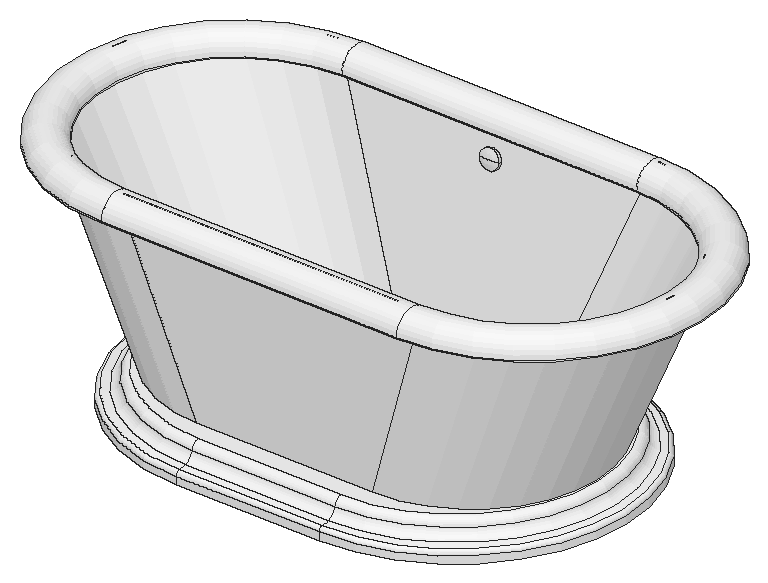
Revit family "xBathtub-Freestanding-DXV-St_George-D62745004_Series", category Plumbing Fixtures, Revit 2014
Parameters (values of type "D62745004.415")
  Width = 35"
  Waste Connection Radius = 3/4"
  Waste Connection Diameter = Waste Connection Radius * 2  # 1 1/2"
  Waste Connection = yes
  Warranty Documentation Link = "https://www.dxv.com/-/media/files/dxv/warranty/dxv_warranty_booklet.ashx"
  WFU = 4
  Vent Connection = no
  URL = "https://www.dxv.com/"
  Product Page URL = "https://www.dxv.com/product/st-george-freestanding-soaking-tub-by-dxv"
  Product Documentation Link = "https://dxv01.blob.core.windows.net/dxv-product-pdf-files/spec_D62745004_DXV_StGeorge_Freestand_tub_EN.pdf"
  Price = "Prices may vary. Please consult Manufacturer Representative for most up-to-date price list."  # constant formula
  Model = "D62745004.415"
  Material = "Acrylic-DXV-415-Canvas White"
  Manufacturer = "DXV"
  Length = 65 1/2"
  Installation Type = "Freestanding"
  Height = 23 1/2"
  HWFU = 0
  HW Connection = no
  Finish = Acrylic-DXV-415-Canvas White
  Description = "St. George Freestanding Soaking Tub"
  Default Elevation = 0"
  Creation Date = "21/02/2014"  # constant formula
  CWFU = 0
  CW Connection = no
  Assembly Code = "D2010510"
Types (3): name | Model | Material | Finish
  (no name) | "D62745004.415" | "Acrylic-DXV-415-Canvas White" | Acrylic-DXV-415-Canvas White
  D62745004.415 | "D62745004.415" | "Acrylic-DXV-415-Canvas White" | Acrylic-DXV-415-Canvas White
  D62745004.071 | "D62745004.071" | "Acrylic-DXV-071-Biscuit" | Acrylic-DXV-071-Biscuit
Reference planes (in)
  plane 1 "Center (Front/Back)": y = 0
  plane 2: z = 0
  plane 3 "Center (Left/Right)": x = 0
  plane 4: y = -35
  plane 5: y = -35.125
  plane 6: y = 0.125
  plane 7: x = -32.75
  plane 8: x = 32.75
  plane 9: x = -25
  plane 10: x = 25
  plane 11: x = -21.5
  plane 12: x = 21.5
  plane 13: x = -19.5
  plane 14: x = 19.5
  plane 15: y = -17.5
  plane 16: y = -6
  plane 17: y = -4
  plane 18: y = -11.837
  plane 19: y = -31
  plane 20: y = -9.5
  plane 21: z = 3
  plane 22: z = 21.375
  plane 23: z = 23.5
  plane 24: x = -29
  plane 25: x = 29
  plane 26: y = -31.25
  plane 27: y = -3.75
  plane 28: y = -29
  plane 29: z = 2.5
  plane 30: z = 19
Forms (in)
  Sweep 1, solid, material "Acrylic-DXV-415-Canvas White" <- "Finish"
    path origin (-141.00428, -14.23816, 0) x (1, 0, 0) y (0, 1, 0)
      loop
        arc (133.64354, 14.36316) -> (116.01854, -3.26184) -> (133.64354, -20.88684) r 17.625
        line (133.64354, -20.88684) -> (148.39354, -20.88684)
        arc (148.39354, -20.88684) -> (166.01854, -3.26184) -> (148.39354, 14.36316) r 17.625
        line (148.39354, 14.36316) -> (133.64354, 14.36316)
    profile origin (-24.98574, -17.5, 0) x (1, 0, 0) y (0, 0, 1)
      loop
        line (5.48574, 0) -> (5.48574, 3) -> (2.83993, 3)
        arc (2.83993, 3) -> (2.29393, 2.79624) -> (2.01493, 2.28458) r 0.8334
        arc (2.01493, 2.28458) -> (1.72775, 1.6904) -> (1.14994, 1.37154) r 1.08789
        line (1.14994, 1.37154) -> (0.3635, 1.21533)
        arc (0.3635, 1.21533) -> (0.10251, 1.05897) -> (0, 0.77252) r 0.45146
        line (0, 0.77252) -> (0, 0) -> (5.48574, 0)
  Sweep 2, solid, material "Acrylic-DXV-415-Canvas White" <- "Finish"
    path origin (0, 0, 0) x (1, 0, 0) y (0, 1, 0)
      loop
        arc (-15.25, 0) -> (-32.75, -17.5) -> (-15.25, -35) r 17.5
        line (-15.25, -35) -> (15.25, -35)
        arc (15.25, -35) -> (32.75, -17.5) -> (15.25, 0) r 17.5
        line (15.25, 0) -> (-15.25, 0)
    profile origin (0, 0, 0) x (0, 1, 0) y (0, 0, 1)
      loop
        line (0, 21.375) -> (0, 21.50093)
        arc (0, 21.50093) -> (-2, 23.50093) -> (-4, 21.50093) r 2
        line (-4, 21.50093) -> (-4, 21.375) -> (-3.625, 21.375) -> (-3.625, 21.48797)
        arc (-3.625, 21.48797) -> (-2, 23.11297) -> (-0.375, 21.48797) r 1.625
        line (-0.375, 21.48797) -> (-0.375, 21.375) -> (0, 21.375)
  Extrusion 3, void
    sketch origin (0, 0, 1.5) x (1, 0, 0) y (0, 0, 1)
      loop
        circle (0, 17.5) r 0.75
    from 3.5366 to 4.26818
  Blend 4, solid, material "Acrylic-DXV-415-Canvas White" <- "Finish"
    base sketch origin (0, 0, 0) x (1, 0, 0) y (0, 1, 0)
      loop
        arc (-8.7497, -4.75) -> (-21.4997, -17.5) -> (-8.7497, -30.25) r 12.75
        line (-8.7497, -30.25) -> (8.7497, -30.25)
        arc (8.7497, -30.25) -> (21.4997, -17.5) -> (8.7497, -4.75) r 12.75
        line (8.7497, -4.75) -> (-8.7497, -4.75)
    top sketch origin (0, 0, 0) x (1, 0, 0) y (0, 1, 0)
      loop
        line (-15.25, -32.25) -> (15.25, -32.25)
        arc (15.25, -32.25) -> (30, -17.5) -> (15.25, -2.75) r 14.75
        line (15.25, -2.75) -> (-15.25, -2.75)
        arc (-15.25, -2.75) -> (-30, -17.5) -> (-15.25, -32.25) r 14.75
    from 2.0317 to 21.375
  Blend 5, void
    base sketch origin (0, 0, 0) x (1, 0, 0) y (0, 1, 0)
      loop
        arc (-8, -6) -> (-19.5, -17.5) -> (-8, -29) r 11.5
        line (-8, -29) -> (8, -29)
        arc (8, -29) -> (19.5, -17.5) -> (8, -6) r 11.5
        line (8, -6) -> (-8, -6)
    top sketch origin (0, 0, 0) x (1, 0, 0) y (0, 1, 0)
      loop
        line (-15.25, -31.625) -> (15.25, -31.625)
        arc (15.25, -31.625) -> (29.375, -17.5) -> (15.25, -3.375) r 14.125
        line (15.25, -3.375) -> (-15.25, -3.375)
        arc (-15.25, -3.375) -> (-29.375, -17.5) -> (-15.25, -31.625) r 14.125
    from 2.5 to 21.375
  Extrusion 6, void
    sketch origin (0, 0, 0) x (1, 0, 0) y (0, 1, 0)
      loop
        circle (0, -9.5) r 0.75
    from 0 to 4.14774
  Revolve 7, solid, material "Stainless Steel-DXV-002-Polished Chrome"
    sketch origin (7.23877, -34.97974, 23.31187) x (1, 0, 0) y (0, 0.990467, -0.137747)
      loop
        line (-7.24717, 31.5737) -> (-8.24717, 31.5737) -> (-8.24717, 31.33946)
        arc (-8.24717, 31.33946) -> (-7.7539, 31.21622) -> (-7.24717, 31.17478) r 3.1184
        line (-7.24717, 31.17478) -> (-7.24717, 31.5737)
      axis (-7.24717, 31.5737) -> (-7.24717, 31.17478)
    angle from 0 to 360
Cuts and joins
  Extrusion 3, Blend 5, Extrusion 6 cuts Sweep 1
  Extrusion 3, Blend 5, Extrusion 6 cuts Sweep 2
  Extrusion 3, Blend 5, Extrusion 6 cuts Blend 4
  joined: Sweep 1, Sweep 2, Blend 4
Lines and regions (in)
  Masking region 1
    outline origin (0, 0, 0) x (1, 0, 0) y (0, 1, 0)
      loop
        line (-15.25, -35) -> (-9.39163, -35)
        arc (-9.39163, -35) -> (-8.37811, -35.09372) -> (-7.36074, -35.125) r 16.56056
        line (-7.36074, -35.125) -> (7.38926, -35.125)
        arc (7.38926, -35.125) -> (8.40663, -35.09372) -> (9.42015, -35) r 16.56056
        line (9.42015, -35) -> (15.25, -35)
        arc (15.25, -35) -> (32.75, -17.5) -> (15.25, 0) r 17.5
        line (15.25, 0) -> (9.42015, 0)
        arc (9.42015, 0) -> (8.40663, 0.09372) -> (7.38926, 0.125) r 16.56056
        line (7.38926, 0.125) -> (-7.36074, 0.125)
        arc (-7.36074, 0.125) -> (-8.37811, 0.09372) -> (-9.39163, 0) r 16.56056
        line (-9.39163, 0) -> (-15.25, 0)
        arc (-15.25, 0) -> (-32.75, -17.5) -> (-15.25, -35) r 17.5
  symbolic lines, style "PlumbingFixtures", detail levels medium+fine
    curve 1: arc (-15.25, -4, 0) -> (-28.75, -17.5, 0) -> (-15.25, -31, 0) r 13.5
    curve 2: line (15.25, -4, 0) -> (-15.25, -4, 0)
    curve 3: arc (15.25, -4, 0) -> (28.75, -17.5, 0) -> (15.25, -31, 0) r 13.5
    curve 4: line (-15.25, -31, 0) -> (15.25, -31, 0)
    curve 9: circle (0, -9.5, 0) r 0.75 normal (0, 0, 1)
  symbolic lines, style "PlumbingFixtures", detail levels fine
    curve 5: arc (-8, -6, 0) -> (-19.5, -17.5, 0) -> (-8, -29, 0) r 11.5
    curve 6: line (-8, -6, 0) -> (8, -6, 0)
    curve 7: line (-8, -29, 0) -> (8, -29, 0)
    curve 8: arc (8, -6, 0) -> (19.5, -17.5, 0) -> (8, -29, 0) r 11.5
  symbolic lines, detail levels medium+fine
    curve 10: line (-9.39163, 0, 0) -> (9.42015, 0, 0)
    curve 11: line (9.42015, -35, 0) -> (-9.39163, -35, 0)
  symbolic lines, detail levels fine
    curve 12: spline (0.7488, -4.27795, 0) -> (0.64407, -4.22173, 0) -> (0.36676, -4.18093, 0) -> (-0.00882, -4.16648, 0) -> (-0.38203, -4.18226, 0) -> (-0.65289, -4.22403, 0) -> (-0.7488, -4.28061, 0) -> (-0.64408, -4.33683, 0) -> (-0.36678, -4.37763, 0) -> (0.0088, -4.39208, 0) -> (0.38202, -4.3763, 0) -> (0.65288, -4.33453, 0) -> (0.7488, -4.27795, 0)
Dimensions and locks (in)
  "Width": plane 4 to plane 1 "Center (Front/Back)"
  locked: plane 5 to plane 6 at 35.25
  "Length": plane 7 to plane 8
  plane 9 to plane 10 = 50"
  plane 11 to plane 12 = 43"
  plane 13 to plane 14 = 39"
  plane 19 to plane 17 = 27"
  plane 28 to plane 16 = 23"
  plane 21 to level = 3"
  plane 22 to level = 21 3/8"
  "Height": plane 23 to level
  plane 20 to plane 1 "Center (Front/Back)" = 9 1/2"
  plane 23 to plane 29 = 21"
Automatic sketch dimensions
  plane 15 to Sweep 1 sketch curve = 0"
  plane 6 to Sweep 1 sketch curve = 0"
  Sweep 1 sketch curve to plane 3 "Center (Left/Right)" = 7.36074"
  plane 3 "Center (Left/Right)" to Sweep 1 sketch curve = 7.38926"
  Extrusion 3 sketch curve to plane 3 "Center (Left/Right)" = 0"
  plane 1 "Center (Front/Back)" to Masking region 1 sketch curve = 0"  (x2)
  plane 5 to Masking region 1 sketch curve = 0"
  plane 6 to Masking region 1 sketch curve = 0"
  plane 13 to Masking region 1 sketch curve = 4 1/4"
  Masking region 1 sketch curve to Masking region 1 sketch curve = 5.85837"  (x2)
  plane 15 to Masking region 1 sketch curve = 1.06444"
  Masking region 1 sketch curve to Masking region 1 sketch curve = 2.03089"  (x2)
  Masking region 1 sketch curve to plane 15 = 1.06444"
  plane 3 "Center (Left/Right)" to Masking region 1 sketch curve = 7.38926"  (x2)
  plane 14 to Masking region 1 sketch curve = 4 1/4"
  plane 4 to Masking region 1 sketch curve = 0"  (x2)
  plane 16 to Blend 5 sketch curve = 0"
  Blend 5 sketch curve to plane 28 = 0"
  Blend 5 sketch curve to plane 3 "Center (Left/Right)" = 8"
  plane 3 "Center (Left/Right)" to Blend 5 sketch curve = 8"
  plane 13 to Blend 5 sketch curve = 4 1/4"
  plane 26 to Blend 5 sketch curve = 3/8"
  plane 14 to Blend 5 sketch curve = 4 1/4"
  plane 15 to Blend 5 sketch curve = 0"
  profile plane to Sweep 1 sketch curve = 0"
  Sweep 1 sketch curve to profile plane = 0"
  Sweep 1 sketch curve to profile plane = 0.3635"
  Sweep 1 sketch curve to Sweep 1 sketch curve = 0.08796"
  Sweep 1 sketch curve to profile plane = 0.93799"
  Sweep 1 sketch curve to Sweep 1 sketch curve = 0.78644"
  Sweep 1 sketch curve to Sweep 1 sketch curve = 1.68999"
  Sweep 1 sketch curve to Sweep 1 sketch curve = 2.64581"
  profile plane to Sweep 1 sketch curve = 0.77252"
  Sweep 1 sketch curve to Sweep 1 sketch curve = 0.15622"
  Sweep 1 sketch curve to Sweep 1 sketch curve = 0.79506"
  Sweep 1 sketch curve to Sweep 1 sketch curve = 1.06705"
  Sweep 1 sketch curve to Sweep 1 sketch curve = 0.8334"
  curve 1 to plane 15 = 0"
  curve 1 to plane 27 = 1/4"
  plane 4 to curve 11 = 0"
  plane 1 "Center (Front/Back)" to curve 10 = 0"
  plane 15 to curve 5 = 0"
  plane 16 to curve 6 = 0"
  curve 12 to plane 3 "Center (Left/Right)" = 0"
  curve 9 to plane 3 "Center (Left/Right)" = 0"
  plane 20 to curve 9 = 0"
  curve 7 to plane 3 "Center (Left/Right)" = 8"
  plane 13 to curve 2 = 4 1/4"
  plane 3 "Center (Left/Right)" to curve 8 = 8"
  plane 14 to curve 3 = 4 1/4"
  curve 10 to curve 6 = 1.39163"
  curve 11 to curve 5 = 1.39163"
  plane 17 to curve 12 = 0.27795"
  plane 3 "Center (Left/Right)" to curve 12 = 0.7488"
  curve 12 to curve 12 = 0"
  curve 12 to curve 12 = 0.00005"
  curve 8 to curve 11 = 1.42015"
  curve 6 to curve 10 = 1.42015"
  curve 12 to curve 12 = 0.00133"
  plane 15 to Sweep 2 sketch curve = 0"
  plane 4 to Sweep 2 sketch curve = 0"
  plane 13 to Sweep 2 sketch curve = 4 1/4"
  plane 14 to Sweep 2 sketch curve = 4 1/4"
  Sweep 2 sketch curve to profile plane = 0"
  profile plane to Sweep 2 sketch curve = 3/8"
  Sweep 2 sketch curve to Sweep 2 sketch curve = 1 5/8"
  Sweep 2 sketch curve to Sweep 2 sketch curve = 0"  (x2)
  level to Sweep 2 sketch curve = 21 3/8"
  Sweep 2 sketch curve to Sweep 2 sketch curve = 0.11297"
  Sweep 2 sketch curve to Sweep 2 sketch curve = 0.12593"
  plane 15 to Blend 4 sketch curve = 0"  (x2)
  plane 19 to Blend 4 sketch curve = 3/4"
  Blend 4 sketch curve to plane 3 "Center (Left/Right)" = 8.7497"
  plane 3 "Center (Left/Right)" to Blend 4 sketch curve = 8.7497"
  plane 14 to Blend 4 sketch curve = 4 1/4"
  plane 26 to Blend 4 sketch curve = 1"
  plane 13 to Blend 4 sketch curve = 4 1/4"
  Extrusion 3 sketch curve to plane 30 = 0"
  Revolve 7 sketch curve to plane 3 "Center (Left/Right)" = 1.0084"
  Revolve 7 sketch curve to plane 3 "Center (Left/Right)" = 0.0084"
  Revolve 7 sketch curve to Revolve 7 sketch curve = 0.16469"
  Revolve 7 sketch curve to Revolve 7 sketch curve = 0.23424"
  Revolve 7 sketch curve to Revolve 7 sketch curve = 0"
  Revolve 7 sketch curve to Revolve 7 sketch curve = 0.76576"
  Revolve 7 sketch curve to Revolve 7 sketch curve = 1.54629"
  radius of Extrusion 3 sketch curve = 3/4"
  radius of curve 9 = 3/4"
Connectors (in)
  piping at (0, -9.5, 0), diameter 1.5, driven by "WFU", driven by "Waste Connection Radius"
    settings: on Extrusion 6, index 1, connector inside diameter 24", connector length 0", flow factor 0, pipe flow 0 GPM, pressure drop 0.00 psi, fitting loss kfactor 0, connector angle 0.00°, fixture units 4, engagement length 0", angle of deflection 0.00°, flow configuration 3, flow direction 2, fitting loss method 0, system type 16, joint type 0, gender type 0, connector reference index -1, connector utility 0, adjustable connector no, is connector primary yes, connector description "1-1/2\" Drain Outlet"
